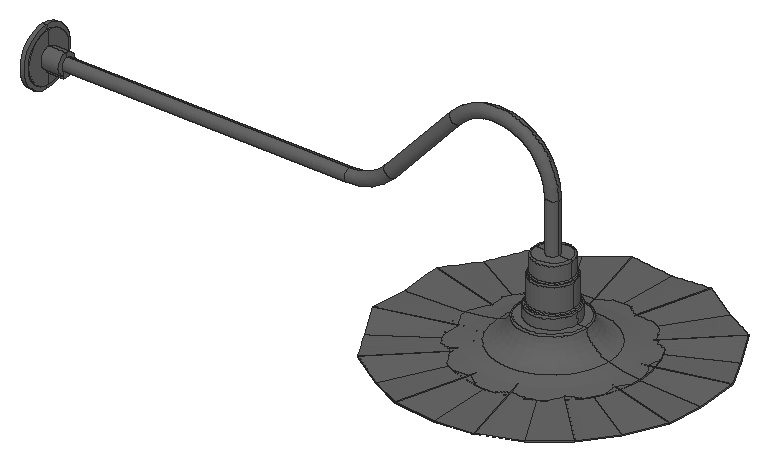
Revit family "Radial 8,12,16,18,20,24 MB", category Lighting Fixtures, Revit 2020 (continued)
Definition of nested family "R920_1"
  Definition of nested family "R920"
    Forms (in)
      SweptBlend 12, solid, material <- "body", visible <- "R920"
        profile origin (-4.33013, -2.5, 0.3125) x (0, 0, 1) y (-0.5, 0.866025, 0)
          loop
            line (0, 0) -> (0, 1.34375) -> (-0.0625, 1.34375) -> (-0.0625, 0) -> (-0.0625, -1.34375) -> (0, -1.34375) -> (0, 0)
        end profile origin (-8.66025, -5, 0.3125) x (0, 0, 1) y (-0.5, 0.866025, 0)
          loop
            line (0.00208, 2.67383) -> (-0.06042, 2.67383) -> (-0.3125, 0) -> (-0.06042, -2.67383) -> (0.00208, -2.67383) -> (-0.25, 0) -> (0.00208, 2.67383)
      Revolve 13, solid, material <- "body", visible <- "R920"
        sketch origin (-48.38938, 0, -15.03387) x (1, 0, 0) y (0, 0, 1)
          loop
            line (46.85813, 21.90887) -> (46.85813, 20.47359)
            arc (46.85813, 20.47359) -> (46.84334, 20.4146) -> (46.80247, 20.36958) r 0.125
            line (46.80247, 20.36958) -> (46.72629, 20.3188)
            arc (46.72629, 20.3188) -> (46.68542, 20.27377) -> (46.67063, 20.21479) r 0.125
            line (46.67063, 20.21479) -> (46.67063, 18.60894)
            arc (46.67063, 18.60894) -> (46.65196, 18.54323) -> (46.60153, 18.49714) r 0.125
            line (46.60153, 18.49714) -> (46.48905, 18.4409)
            arc (46.48905, 18.4409) -> (46.43891, 18.39528) -> (46.41996, 18.33019) r 0.125
            line (46.41996, 18.33019) -> (46.41299, 17.53169) -> (45.801, 17.53169)
            arc (45.801, 17.53169) -> (45.72429, 17.50539) -> (45.67987, 17.43756) r 0.125
            arc (45.67987, 17.43756) -> (45.03271, 16.30743) -> (43.89595, 15.67199) r 2.43675
            arc (43.89595, 15.67199) -> (42.61824, 15.40009) -> (41.31831, 15.27106) r 11.8025
            line (41.31831, 15.27106) -> (41.32103, 15.20862)
            arc (41.32103, 15.20862) -> (42.62745, 15.33827) -> (43.91155, 15.61146) r 11.865
            arc (43.91155, 15.61146) -> (45.07697, 16.26329) -> (45.74043, 17.42212) r 2.49925
            arc (45.74043, 17.42212) -> (45.76265, 17.45604) -> (45.801, 17.46919) r 0.0625
            line (45.801, 17.46919) -> (46.47495, 17.46919) -> (46.48246, 18.32964)
            arc (46.48246, 18.32964) -> (46.49193, 18.36219) -> (46.51701, 18.385) r 0.0625
            line (46.51701, 18.385) -> (46.62948, 18.44124)
            arc (46.62948, 18.44124) -> (46.70513, 18.51037) -> (46.73313, 18.60894) r 0.1875
            line (46.73313, 18.60894) -> (46.73313, 20.21479)
            arc (46.73313, 20.21479) -> (46.74052, 20.24428) -> (46.76096, 20.26679) r 0.0625
            line (46.76096, 20.26679) -> (46.83714, 20.31758)
            arc (46.83714, 20.31758) -> (46.89844, 20.38511) -> (46.92063, 20.47359) r 0.1875
            line (46.92063, 20.47359) -> (46.92063, 21.90669)
            arc (46.92063, 21.90669) -> (46.93893, 21.95088) -> (46.98313, 21.96919) r 0.0625
            line (46.98313, 21.96919) -> (48.13938, 21.96919) -> (48.13938, 22.03387) -> (46.98313, 22.03387)
            arc (46.98313, 22.03387) -> (46.89474, 21.99726) -> (46.85813, 21.90887) r 0.125
          axis (48.38938, 22.03387) -> (48.38938, 15.20862)
        angle from 0 to 360
    Dimensions and locks (in)
      plane 4 to plane 2 = 0' - 7"
      plane 5 to plane 3 "Center (Left/Right)" = 0' - 10"
      plane 7 to plane 1 "Center (Front/Back)" = 0' - 10"
      aligned and locked: plane 2 to level
Types (7): name | a | Weight | Wattage Comments | Wattage | URL | R924 | R920 | R918 | R916 | R912 | R908 | Model | built-in parameter 1150105 | Lumens | built-in parameter 1150106 | Fixture Height | Fixture Diameter | Apparent Load
  (no name) | 0' - 11" | "3.0 lbs" | "200 W Max" | 20.1963 W | "https://www.anplighting.com/assets/Uploads/product-attachments/specification-sheets/ANP-Specification-Sheet-RLM-MB-R924.pdf" | yes | no | no | no | no | no | "R924" | 464.54 (stored number, unit not read) | 3000 lm | 4.6454 (stored number, unit not read) | 0' - 7" | 2' - 0" | 200 VA
  R908 | 0' - 8 1/2" | "1.0 lbs" | "100 W Max" | 8.41513 W | "https://www.anplighting.com/assets/Uploads/product-attachments/specification-sheets/ANP-Specification-Sheet-RLM-MB-R908.pdf" | no | no | no | no | no | yes | "R908" | 193.56 (stored number, unit not read) | 1250 lm | 1.9356 (stored number, unit not read) | 0' - 4 1/2" | 0' - 8" | 100 VA
  R912 | 0' - 9" | "1.0 lbs" | "100 W Max" | 13.4642 W | "https://www.anplighting.com/assets/Uploads/product-attachments/specification-sheets/ANP-Specification-Sheet-RLM-MB-R912.pdf" | no | no | no | no | yes | no | "R912" | 309.69 (stored number, unit not read) | 2000 lm | 3.0969 (stored number, unit not read) | 0' - 5 1/8" | 1' - 0" | 16 VA
  R916 | 0' - 11" | "2.0 lbs" | "200 W Max" | 13.4642 W | "https://www.anplighting.com/assets/Uploads/product-attachments/specification-sheets/ANP-Specification-Sheet-RLM-MB-R916.pdf" | no | no | no | yes | no | no | "R916" | 309.69 (stored number, unit not read) | 2000 lm | 3.0969 (stored number, unit not read) | 0' - 6 3/4" | 1' - 4" | 200 VA
  R918 | 0' - 11" | "2.0 lbs" | "200 W Max" | 13.4642 W | "https://www.anplighting.com/assets/Uploads/product-attachments/specification-sheets/ANP-Specification-Sheet-RLM-MB-R918.pdf" | no | no | yes | no | no | no | "R918" | 309.69 (stored number, unit not read) | 2000 lm | 3.0969 (stored number, unit not read) | 0' - 6 7/8" | 1' - 6" | 200 VA
  R920 | 0' - 11" | "2.5 lbs" | "200 W Max" | 20.1963 W | "https://www.anplighting.com/assets/Uploads/product-attachments/specification-sheets/ANP-Specification-Sheet-RLM-MB-R920.pdf" | no | yes | no | no | no | no | "R920" | 464.54 (stored number, unit not read) | 3000 lm | 4.6454 (stored number, unit not read) | 0' - 7" | 1' - 8" | 200 VA
  R924 | 0' - 11" | "3.0 lbs" | "200 W Max" | 20.1963 W | "https://www.anplighting.com/assets/Uploads/product-attachments/specification-sheets/ANP-Specification-Sheet-RLM-MB-R924.pdf" | yes | no | no | no | no | no | "R924" | 464.54 (stored number, unit not read) | 3000 lm | 4.6454 (stored number, unit not read) | 0' - 7" | 2' - 0" | 200 VA
